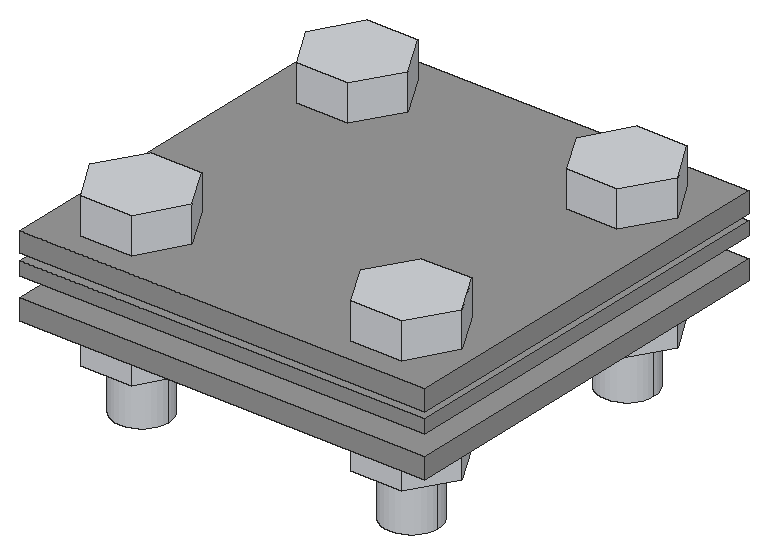
Revit family "DIN-Kreuzverbinder für Flachleiter, mit Zwischenplatte V4A", category Generic Models, Revit 2015
Parameters (values of type "256 DIN 30 V4A")
  Width 2 = 12.5 mm
  Width 1 = 20 mm
  Width = 60 mm
  URL = "http://www.obo-bettermann.com"
  Material = Stainless Steel
  Manufacturer Art.No. = "5314616"
  Manufacturer = "OBO Bettermann"
  Length 2 = 13.5 mm
  Length 1 = 20 mm
  Length = 60 mm
  Height 1 = 6 mm
  Height = 3 mm
  GTIN = "4012195893097"
  Article Type = "256 DIN 30 V4A"
Reference planes
  plane 1 "Center (Front/Back)": y = 0
  plane 2: z = 0
  plane 3 "Center (Left/Right)": x = 0
  plane 4: z = 1
  plane 5: z = -5
  plane 6: z = 4
  plane 7: z = -8
  plane 8: z = -21
  plane 9: z = 9.3
  plane 10: z = -13.3
  plane 11: z = -2
Forms (mm)
  Extrusion 1, solid, material "Stainless Steel" <- "Material"
    sketch origin (0, 0, 0) x (1, 0, 0) y (0, 1, 0)
      loop
        line (-30, 30) -> (-30, -30) -> (30, -30) -> (30, 30) -> (-30, 30)
    from 1 to 4
  Extrusion 2, solid, material "Stainless Steel" <- "Material"
    sketch origin (0, 0, 0) x (1, 0, 0) y (0, 1, 0)
      loop
        line (-30, 30) -> (-30, -30) -> (30, -30) -> (30, 30) -> (-30, 30)
    from -8 to -5
  Extrusion 3, solid
    sketch origin (0, 0, 0) x (1, 0, 0) y (0, 1, 0)
      loop
        circle (-20, -20) r 4
      loop
        circle (20, -20) r 4
      loop
        circle (20, 20) r 4
      loop
        circle (-20, 20) r 4
    from -21 to 4
  Extrusion 4, solid
    sketch origin (0, 0, 0) x (1, 0, 0) y (0, 1, 0)
      loop
        line (-16.279, 13.5) -> (-12.5, 20.045) -> (-16.279, 26.59) -> (-23.837, 26.59) -> (-27.615, 20.045) -> (-23.837, 13.5) -> (-16.279, 13.5)
    from 4 to 9.3
  Extrusion 5, solid
    sketch origin (0, 0, 0) x (1, 0, 0) y (0, 1, 0)
      loop
        line (23.75, 13.5) -> (27.5, 19.995) -> (23.75, 26.49) -> (16.25, 26.49) -> (12.5, 19.995) -> (16.25, 13.5) -> (23.75, 13.5)
    from 4 to 9.3
  Extrusion 6, solid
    sketch origin (0, 0, 0) x (1, 0, 0) y (0, 1, 0)
      loop
        line (-23.82, -13.5) -> (-27.594, -20.036) -> (-23.82, -26.571) -> (-16.273, -26.571) -> (-12.5, -20.036) -> (-16.273, -13.5) -> (-23.82, -13.5)
    from 4 to 9.3
  Extrusion 7, solid
    sketch origin (0, 0, 0) x (1, 0, 0) y (0, 1, 0)
      loop
        line (16.239, -13.5) -> (12.5, -19.976) -> (16.239, -26.452) -> (23.717, -26.452) -> (27.456, -19.976) -> (23.717, -13.5) -> (16.239, -13.5)
    from 4 to 9.3
  Extrusion 8, solid
    sketch origin (0, 0, 0) x (1, 0, 0) y (0, 1, 0)
      loop
        line (-16.279, 26.59) -> (-23.837, 26.59) -> (-27.615, 20.045) -> (-23.837, 13.5) -> (-16.279, 13.5) -> (-12.5, 20.045) -> (-16.279, 26.59)
      loop
        line (23.75, 26.49) -> (16.25, 26.49) -> (12.5, 19.995) -> (16.25, 13.5) -> (23.75, 13.5) -> (27.5, 19.995) -> (23.75, 26.49)
      loop
        line (23.717, -13.5) -> (16.239, -13.5) -> (12.5, -19.976) -> (16.239, -26.452) -> (23.717, -26.452) -> (27.456, -19.976) -> (23.717, -13.5)
      loop
        line (-16.273, -13.5) -> (-23.82, -13.5) -> (-27.594, -20.036) -> (-23.82, -26.571) -> (-16.273, -26.571) -> (-12.5, -20.036) -> (-16.273, -13.5)
    from -13.3 to -8
  Extrusion 9, solid, material "Stainless Steel" <- "Material"
    sketch origin (0, 0, 0) x (1, 0, 0) y (0, 1, 0)
      loop
        line (-30, 30) -> (-30, -30) -> (30, -30) -> (30, 30) -> (-30, 30)
    from -2 to 0
Dimensions and locks
  "Width": Extrusion 1 sketch curve to Extrusion 1 sketch curve
  "Length": Extrusion 1 sketch curve to Extrusion 1 sketch curve
  equal spacing: Extrusion 1 sketch curve, plane 3 "Center (Left/Right)", Extrusion 1 sketch curve
  equal spacing: Extrusion 1 sketch curve, plane 1 "Center (Front/Back)", Extrusion 1 sketch curve
  "Height 1": plane 4 to plane 5
  locked: plane 4 to level at 1
  "Height": plane 6 to plane 4
  "Height": plane 5 to plane 7
  plane 3 "Center (Left/Right)" to Extrusion 2 = 30 mm
  "Width 1": plane 3 "Center (Left/Right)" to Extrusion 3 sketch curve  (x2)
  "Length 1": Extrusion 3 sketch curve to plane 1 "Center (Front/Back)"  (x2)
  "Width 1": Extrusion 3 sketch curve to plane 3 "Center (Left/Right)"  (x2)
  "Length 1": plane 1 "Center (Front/Back)" to Extrusion 3 sketch curve  (x2)
  locked: Extrusion 4 sketch curve to Extrusion 4 sketch curve at 13.09  (x3)
  "Length 2": plane 1 "Center (Front/Back)" to Extrusion 4 sketch curve
  "Width 2": Extrusion 4 sketch curve to plane 3 "Center (Left/Right)"
  locked: Extrusion 5 sketch curve to Extrusion 5 sketch curve at 12.99  (x3)
  "Length 2": plane 1 "Center (Front/Back)" to Extrusion 5 sketch curve
  "Width 2": plane 3 "Center (Left/Right)" to Extrusion 5 sketch curve
  locked: Extrusion 6 sketch curve to Extrusion 6 sketch curve at 13.071  (x3)
  "Length 2": Extrusion 6 sketch curve to plane 1 "Center (Front/Back)"
  "Width 2": Extrusion 6 sketch curve to plane 3 "Center (Left/Right)"
  locked: Extrusion 7 sketch curve to Extrusion 7 sketch curve at 12.952  (x3)
  "Length 2": Extrusion 7 sketch curve to plane 1 "Center (Front/Back)"
  "Width 2": plane 3 "Center (Left/Right)" to Extrusion 7 sketch curve
  locked: plane 9 to plane 6 at 5.3
  locked: plane 7 to plane 10 at 5.3
  locked: Extrusion 1 to plane 8 at 25
  locked: level to plane 11 at 2
  radius of Extrusion 3 sketch curve = 4 mm  (x4)
  angle Extrusion 4 sketch curve to Extrusion 4 sketch curve = 120.00°  (x6)
  angle Extrusion 5 sketch curve to Extrusion 5 sketch curve = 120.00°  (x5)
  angle Extrusion 6 sketch curve to Extrusion 6 sketch curve = 120.00°  (x6)
  angle Extrusion 7 sketch curve to Extrusion 7 sketch curve = 120.00°  (x5)
  angle Extrusion 7 sketch curve to Extrusion 7 sketch curve = 60.00°
  aligned and locked: level to plane 2
  aligned and locked: Extrusion 1 to plane 4
  aligned and locked: plane 6 to Extrusion 1
  aligned and locked: Extrusion 2 sketch curve to Extrusion 1  (x4)
  aligned and locked: Extrusion 2 to plane 7
  aligned and locked: plane 5 to Extrusion 2
  aligned and locked: Extrusion 3 to plane 8
  aligned and locked: Extrusion 1 to Extrusion 3
  aligned and locked: Extrusion 7 to Extrusion 1
  aligned and locked: plane 9 to Extrusion 7
  aligned and locked: Extrusion 5 to Extrusion 7
  aligned and locked: Extrusion 5 to Extrusion 1
  aligned and locked: Extrusion 6 to Extrusion 1
  aligned and locked: Extrusion 5 to Extrusion 6
  aligned and locked: Extrusion 4 to Extrusion 1
  aligned and locked: Extrusion 5 to Extrusion 4
  aligned and locked: Extrusion 8 sketch curve to Extrusion 4  (x6)
  aligned and locked: Extrusion 8 sketch curve to Extrusion 5  (x6)
  aligned and locked: Extrusion 8 sketch curve to Extrusion 7  (x6)
  aligned and locked: Extrusion 8 sketch curve to Extrusion 6  (x6)
  aligned and locked: Extrusion 8 to plane 10
  aligned and locked: Extrusion 8 to Extrusion 2
  aligned and locked: Extrusion 9 sketch curve to Extrusion 1  (x4)
  aligned and locked: Extrusion 9 to plane 11
  aligned and locked: level to Extrusion 9
Automatic sketch dimensions
  Extrusion 4 sketch curve to Extrusion 4 sketch curve = 3.779 mm
  Extrusion 5 sketch curve to Extrusion 5 sketch curve = 3.75 mm
  Extrusion 6 sketch curve to Extrusion 6 sketch curve = 3.773 mm
  Extrusion 7 sketch curve to Extrusion 7 sketch curve = 3.739 mm
